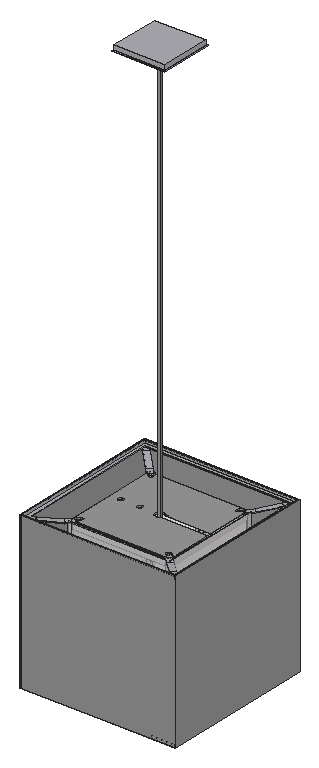
Revit family "Lighting - Lumetta - Pendant - P2094", category Lighting Fixtures, host Ceiling, Revit 2015
Parameters
  Wattage = 14.4067 W
  built-in parameter 1150110 = 1 (stored number, unit not read)
  URL = "https://lumetta.com/luminaires/shadow-cube-17-pendant/"
  built-in parameter 1114217 = 1 (stored number, unit not read)
  Top Lens-Material [instance] = Acrylic - 2447 - White
  Top Lens [instance] = yes
  built-in parameter 1150109 = 1 (stored number, unit not read)
  built-in parameter 1150134 = (empty or 0)
  Suspension [instance] = 1
  built-in parameter 1150113 = 1 (stored number, unit not read)
  P2094 URL [instance] = "https://lumetta.com/luminaires/shadow-cube-17-pendant/"
  NON Stem Canopy [instance] = not(Suspension = 3)  # yes
  Model = "P2094"  # constant formula
  Manufacturer = "Lumetta, Inc."  # constant formula
  Lumens = 2140 lm
  built-in parameter 1150115 = 1 (stored number, unit not read)
  built-in parameter 1150105 = 170.3 (stored number, unit not read)
  Light Source Symbol Size = 0' - 1"
  built-in parameter 1150137 = (empty or 0)
  built-in parameter 1150139 = (empty or 0)
  built-in parameter 1150112 = 1 (stored number, unit not read)
  built-in parameter 1150114 = 1 (stored number, unit not read)
  built-in parameter 1150132 = 2
  built-in parameter 1150102 = (empty or 0)
  built-in parameter 1150138 = (empty or 0)
  built-in parameter 1150107 = 3000 (stored number, unit not read)
  built-in parameter 1150106 = 1.703 (stored number, unit not read)
  Frame Finish [instance] = Paint - Lumetta - F02 - PC_Chrome
  Fixture Drop [instance] = 4' - 0"
  built-in parameter 1150104 = 13.8 (stored number, unit not read)
  Dimming Lamp Color Temperature Shift = (empty or 0)
  Diffuser Material-Outer [instance] = Glass, Cast, Gray
  Diffuser Material-Inner [instance] = Shade - Lumetta - D61 - MT_White
  Description = "Shadow Cube 17'' Pendant"  # constant formula
  Coupling-Stems over 60 inches [instance] = and(Stem Hung, Fixture Drop > 5' 0")  # no
  Cord Color [instance] = Cord, Black
  Cone Nut-STD-2-3Wire [instance] = Suspension = 1  # yes
  Color Filter = 16777215
  Bushing-LED-4Wire [instance] = Suspension = 2  # no
  Bottom Lens-Material [instance] = Acrylic - P95 - Etched White
  Bottom Lens [instance] = no
  built-in parameter 1114218 = 1 (stored number, unit not read)
  built-in parameter 1150133 = 10 (stored number, unit not read)
  Stem Hung [instance] = Suspension = 3  # no
  1CRD-LED-4Wire [instance] = or(Suspension = 1, Suspension = 2)  # yes
  1 CRD-STD [instance] = or(Suspension = 1, Suspension = 2)  # yes
Reference planes (in)
  plane 1 "Light Source Axis (F/B)": y = 0
  plane 2 "Ceiling": z = 98.08023
  plane 3 "Light Source Axis (L/R)": x = 0
  plane 4 "Light Source Elevation": z = 47.45523
  plane 5 "Fixture Inner Top": z = 50.08023
  plane 6 "Fixture-Height-DIFF-DIFI": z = 37.58023
  plane 7 "Lamping Start": z = 47.38052
  plane 8 "Frame Length-Left": x = -5.75
  plane 9 "Frame Length-Right": x = 5.75
  plane 10 "Frame Width-TOP": y = 5.75
  plane 11 "Frame Width-BTM": y = -5.75
  plane 12 "Outer Frame-Left": x = -8.75
  plane 13 "Outer Frame-Right": x = 8.75
  plane 14 "Outer Frame-Top": y = 8.75
  plane 15 "Outer Frame-BTM": y = -8.75
  plane 16 "Fixture-Height-DIFO": z = 33.51773
  plane 17 "Fixture Outer Top": z = 51.01773
  plane 18 "Shadow Tabs": through (-5.75, -5.75, 90) normal (-0.7071, 0.7071, 0)
Forms (in)
  Extrusion 1, solid, material "Paint - Lumetta - F02 - PC_Chrome" <- "Frame Finish", visible <- "NON Stem Canopy"
    sketch origin (0, 0, 98.08023) x (1, 0, 0) y (0, 1, 0)
      loop
        line (-2.875, -2.875) -> (2.875, -2.875) -> (2.875, 2.875) -> (-2.875, 2.875) -> (-2.875, -2.875)
    from 0 to -0.51061
  Extrusion 2, void
    sketch origin (0, 0, 50.08023) x (0, -1, 0) y (1, 0, 0)
      loop
        line (-5.6875, -5.6875) -> (5.6875, -5.6875) -> (5.6875, 5.6875) -> (-5.6875, 5.6875) -> (-5.6875, -5.6875)
    from 0 to -0.04896
  Extrusion 3, solid, material "Paint - Lumetta - F02 - PC_Chrome" <- "Frame Finish"
    sketch origin (0, 0, 37.58023) x (-1, 0, 0) y (0, -1, 0)
      loop
        line (5.75, -5.75) -> (5.75, 5.75) -> (-5.75, 5.75) -> (-5.75, -5.75) -> (5.75, -5.75)
      loop
        arc (5.14063, -5.25) -> (5.21796, -5.21796) -> (5.25, -5.14063) r 0.10938
        line (5.25, -5.14063) -> (5.25, 5.14062)
        arc (5.25, 5.14062) -> (5.21796, 5.21796) -> (5.14063, 5.25) r 0.10938
        line (5.14063, 5.25) -> (-5.14062, 5.25)
        arc (-5.14062, 5.25) -> (-5.21796, 5.21796) -> (-5.25, 5.14062) r 0.10938
        line (-5.25, 5.14062) -> (-5.25, -5.14063)
        arc (-5.25, -5.14063) -> (-5.21796, -5.21796) -> (-5.14062, -5.25) r 0.10938
        line (-5.14062, -5.25) -> (5.14063, -5.25)
    from 0 to 0.39015
  Extrusion 4, void
    sketch origin (0, 0, 37.58023) x (-1, 0, 0) y (0, -1, 0)
      loop
        line (5.6875, -5.6875) -> (5.6875, 5.6875) -> (-5.6875, 5.6875) -> (-5.6875, -5.6875) -> (5.6875, -5.6875)
    from 0.0625 to 0.64163
  Extrusion 5, solid, material "Paint - Lumetta - F02 - PC_Chrome" <- "Frame Finish"
    sketch origin (0, 0, 36.01773) x (0, -1, 0) y (1, 0, 0)
      loop
        line (-5.75, 5.75) -> (-5.75, 5.3125) -> (-5.6875, 5.3125) -> (-5.6875, 5.6875) -> (-5.3125, 5.6875) -> (-5.3125, 5.75) -> (-5.75, 5.75)
      loop
        line (-5.75, -5.75) -> (-5.3125, -5.75) -> (-5.3125, -5.6875) -> (-5.6875, -5.6875) -> (-5.6875, -5.3125) -> (-5.75, -5.3125) -> (-5.75, -5.75)
      loop
        line (5.75, -5.75) -> (5.75, -5.3125) -> (5.6875, -5.3125) -> (5.6875, -5.6875) -> (5.3125, -5.6875) -> (5.3125, -5.75) -> (5.75, -5.75)
      loop
        line (5.75, 5.75) -> (5.3125, 5.75) -> (5.3125, 5.6875) -> (5.6875, 5.6875) -> (5.6875, 5.3125) -> (5.75, 5.3125) -> (5.75, 5.75)
    from 1.5625 to 14.0625
  Extrusion 6, solid, material "Paint - Lumetta - F02 - PC_Chrome" <- "Frame Finish", visible <- "NON Stem Canopy"
    sketch origin (18, 0.5, 98.08023) x (1, 0, 0) y (0, 1, 0)
      loop
        line (-21, -3.5) -> (-15, -3.5) -> (-15, 2.5) -> (-21, 2.5) -> (-21, -3.5)
      loop
        circle (-18, -0.5) r 0.34375
    from -0.58679 to -0.51061
  Revolve 7, solid, material "Paint - Lumetta - F02 - PC_Chrome" <- "Frame Finish", visible <- "Cone Nut-STD-2-3Wire"
    sketch origin (0, 0, 0) x (1, 0, 0) y (0, 0, 1)
      loop
        line (0, 97.49343) -> (0, 96.99343) -> (0.28122, 96.99343) -> (0.37341, 97.49343) -> (0, 97.49343)
      axis (0, 96.99343) -> (0, 97.49343)
    angle from 0 to 360
  Extrusion 8, solid, material "Cord, Black" <- "Cord Color", visible <- "1 CRD-STD"
    sketch origin (0, 0, 98.08023) x (1, 0, 0) y (0, 1, 0)
      loop
        circle (0, 0) r 0.1566
    from -0.51061 to -48.09836
  Extrusion 9, solid, material "Paint - Lumetta - F02 - PC_Chrome" <- "Frame Finish", visible <- "Stem Hung"
    sketch origin (0, 0, 98.08023) x (1, 0, 0) y (0, 1, 0)
      loop
        circle (0, 0) r 0.25
    from 0 to -48.09836
  Revolve 10, solid, material "Paint - Lumetta - F02 - PC_Chrome" <- "Frame Finish", visible <- "Stem Hung"
    sketch origin (0, 0, 0) x (1, 0, 0) y (0, 0, 1)
      loop
        line (0, 95.47477) -> (0.34943, 95.47477)
        arc (0.34943, 95.47477) -> (0.55736, 95.72688) -> (0.60533, 96.05014) r 0.61
        line (0.60533, 96.05014) -> (0, 96.05014) -> (0, 95.47477)
      axis (0, 95.47477) -> (0, 96.05014)
    angle from 0 to 360
  Extrusion 11, solid, material "Paint - Lumetta - F02 - PC_Chrome" <- "Frame Finish", visible <- "Bushing-LED-4Wire"
    sketch origin (0, 0, 98.08023) x (1, 0, 0) y (0, 1, 0)
      loop
        circle (0, 0) r 0.37341
      loop
        circle (0, 0) r 0.25
    from -0.66289 to -0.58679
  Extrusion 12, solid, material "Shade - Lumetta - D61 - MT_White" <- "Diffuser Material-Inner"
    sketch origin (0, 0, 50.08023) x (0, -1, 0) y (1, 0, 0)
      loop
        line (-5.75, -5.75) -> (5.75, -5.75) -> (5.75, 5.75) -> (-5.75, 5.75) -> (-5.75, -5.75)
      loop
        line (-5.78125, 5.78125) -> (-5.78125, -5.78125) -> (5.78125, -5.78125) -> (5.78125, 5.78125) -> (-5.78125, 5.78125)
    from -12.5 to 0
  Extrusion 13, solid, material "Acrylic - P95 - Etched White" <- "Bottom Lens-Material", visible <- "Bottom Lens"
    sketch origin (0, 0, 37.58023) x (-1, 0, 0) y (0, -1, 0)
      loop
        line (5.5, -5.5) -> (5.5, 5.5) -> (-5.5, 5.5) -> (-5.5, -5.5) -> (5.5, -5.5)
    from 0.0625 to 0.1875
  Extrusion 14, solid, material "Paint - Lumetta - F02 - PC_Chrome" <- "Frame Finish", visible <- "Stem Hung"
    sketch origin (0, 0, 98.08023) x (1, 0, 0) y (0, 1, 0)
      loop
        line (-3, 3) -> (-3, -3) -> (3, -3) -> (3, 3) -> (-3, 3)
      loop
        circle (0, 0) r 0.53125
    from -2.30546 to -2.23116
  Extrusion 15, solid, material "Paint - Lumetta - F02 - PC_Chrome" <- "Frame Finish", visible <- "Stem Hung"
    sketch origin (0, 0, 98.08023) x (1, 0, 0) y (0, 1, 0)
      loop
        line (-2.875, 2.875) -> (-2.875, -2.875) -> (2.875, -2.875) -> (2.875, 2.875) -> (-2.875, 2.875)
    from -2.23116 to 0
  Extrusion 16, solid, material "Paint - Lumetta - F02 - PC_Chrome" <- "Frame Finish"
    sketch origin (0, 0, 51.01773) x (0, -1, 0) y (1, 0, 0)
      loop
        line (-8.75, -8.75) -> (8.75, -8.75) -> (8.75, 8.75) -> (-8.75, 8.75) -> (-8.75, -8.75)
      loop
        line (8.25, -8.25) -> (8.25, 8.25) -> (-8.25, 8.25) -> (-8.25, -8.25) -> (8.25, -8.25)
    from -0.38652 to 0
  Extrusion 17, void
    sketch origin (0, 0, 51.01773) x (0, -1, 0) y (1, 0, 0)
      loop
        line (-8.6875, -8.6875) -> (8.6875, -8.6875) -> (8.6875, 8.6875) -> (-8.6875, 8.6875) -> (-8.6875, -8.6875)
      loop
        circle (0, 0) r 1
    from -0.3078 to 0
  Extrusion 18, solid, material "Paint - Lumetta - F02 - PC_Chrome" <- "Frame Finish"
    sketch origin (0, 0, 33.51773) x (-1, 0, 0) y (0, -1, 0)
      loop
        line (8.75, -8.75) -> (8.75, 8.75) -> (-8.75, 8.75) -> (-8.75, -8.75) -> (8.75, -8.75)
      loop
        line (8.25, -8.25) -> (8.25, 8.25) -> (-8.25, 8.25) -> (-8.25, -8.25) -> (8.25, -8.25)
    from 0 to 0.36644
  Extrusion 19, void
    sketch origin (0, 0, 33.51773) x (-1, 0, 0) y (0, -1, 0)
      loop
        line (8.6875, -8.6875) -> (8.6875, 8.6875) -> (-8.6875, 8.6875) -> (-8.6875, -8.6875) -> (8.6875, -8.6875)
    from 0.06841 to 0.36644
  Extrusion 20, solid, material "Glass, Cast, Gray" <- "Diffuser Material-Outer"
    sketch origin (0, 0, 51.01773) x (0, -1, 0) y (1, 0, 0)
      loop
        line (-8.75, -8.75) -> (8.75, -8.75) -> (8.75, 8.75) -> (-8.75, 8.75) -> (-8.75, -8.75)
      loop
        line (8.78125, -8.78125) -> (8.78125, 8.78125) -> (-8.78125, 8.78125) -> (-8.78125, -8.78125) -> (8.78125, -8.78125)
    from -17.5 to 0
  Extrusion 21, solid, material "Paint - Lumetta - F11 - PC_White"
    sketch origin (0, 0, 50.08023) x (0, -1, 0) y (1, 0, 0)
      loop
        circle (0, 4.4375) r 0.09399
      loop
        circle (0, -4.4375) r 0.09391
      loop
        line (-1.25, -4.8125) -> (1.25, -4.8125) -> (1.25, 4.8125) -> (-1.25, 4.8125) -> (-1.25, -4.8125)
    from -0.09836 to -0.04896
  Extrusion 22, solid, material "Paint - Lumetta - F02 - PC_Chrome" <- "Frame Finish"
    sketch origin (0, 0, 0) x (-0.707107, -0.707107, 0) y (0, 0, 1)
      loop
        line (-10.9608, 50.58023) -> (-12.03437, 50.58023) -> (-12.03437, 50.51773) -> (-10.96797, 50.51773) -> (-8.48678, 50.08023) -> (-6.69437, 50.08023) -> (-6.69437, 50.14273) -> (-8.47961, 50.14273) -> (-10.9608, 50.58023)
    from -0.30669 to 0.31131
  Extrusion 23, solid, material "Paint - Lumetta - F02 - PC_Chrome" <- "Frame Finish"
    sketch origin (0, 0, 50.08023) x (0, -1, 0) y (1, 0, 0)
      loop
        line (-5.75, -5.75) -> (5.75, -5.75) -> (5.75, 5.75) -> (-5.75, 5.75) -> (-5.75, -5.75)
      loop
        line (-0.48919, -4.0625) -> (0.5, -4.0625) -> (0.94857, -5.02446)
        arc (0.94857, -5.02446) -> (1.09271, -5.18882) -> (1.3026, -5.25) r 0.39063
        line (1.3026, -5.25) -> (4.05695, -5.25)
        arc (4.05695, -5.25) -> (4.20643, -5.22027) -> (4.33316, -5.13559) r 0.39063
        line (4.33316, -5.13559) -> (5.13559, -4.33316)
        arc (5.13559, -4.33316) -> (5.22027, -4.20643) -> (5.25, -4.05695) r 0.39063
        line (5.25, -4.05695) -> (5.25, 4.05695)
        arc (5.25, 4.05695) -> (5.22027, 4.20643) -> (5.13559, 4.33316) r 0.39063
        line (5.13559, 4.33316) -> (4.33316, 5.13559)
        arc (4.33316, 5.13559) -> (4.20643, 5.22027) -> (4.05695, 5.25) r 0.39063
        line (4.05695, 5.25) -> (1.3026, 5.25)
        arc (1.3026, 5.25) -> (1.09271, 5.18882) -> (0.94857, 5.02446) r 0.39063
        line (0.94857, 5.02446) -> (0.5, 4.0625) -> (-0.48919, 4.0625) -> (-0.93776, 5.02446)
        arc (-0.93776, 5.02446) -> (-1.0819, 5.18882) -> (-1.29178, 5.25) r 0.39063
        line (-1.29178, 5.25) -> (-4.05695, 5.25)
        arc (-4.05695, 5.25) -> (-4.20643, 5.22027) -> (-4.33316, 5.13559) r 0.39063
        line (-4.33316, 5.13559) -> (-5.13559, 4.33316)
        arc (-5.13559, 4.33316) -> (-5.22027, 4.20643) -> (-5.25, 4.05695) r 0.39063
        line (-5.25, 4.05695) -> (-5.25, -4.05695)
        arc (-5.25, -4.05695) -> (-5.22027, -4.20643) -> (-5.13559, -4.33316) r 0.39063
        line (-5.13559, -4.33316) -> (-4.33316, -5.13559)
        arc (-4.33316, -5.13559) -> (-4.20643, -5.22027) -> (-4.05695, -5.25) r 0.39063
        line (-4.05695, -5.25) -> (-1.29178, -5.25)
        arc (-1.29178, -5.25) -> (-1.0819, -5.18882) -> (-0.93776, -5.02446) r 0.39063
        line (-0.93776, -5.02446) -> (-0.48919, -4.0625)
      loop
        circle (0, -4.4375) r 0.09489
      loop
        circle (0, 4.4375) r 0.09546
      loop
        circle (-5.375, -5.375) r 0.09445
      loop
        circle (-5.375, 5.375) r 0.09445
      loop
        circle (5.375, 5.375) r 0.09445
      loop
        circle (5.375, -5.375) r 0.09445
    from -0.66832 to 0.00794
  Extrusion 24, solid, material "Acrylic - 2447 - White" <- "Top Lens-Material", visible <- "Top Lens"
    sketch origin (0, 0, 50.08023) x (0, -1, 0) y (1, 0, 0)
      loop
        arc (-5.59375, -5.04511) -> (-5.55517, -5.10286) -> (-5.48706, -5.08931) r 0.0625
        line (-5.48706, -5.08931) -> (-5.19887, -4.80113)
        arc (-5.19887, -4.80113) -> (-4.80113, -4.80113) -> (-4.80113, -5.19887) r 0.28125
        line (-4.80113, -5.19887) -> (-5.08931, -5.48706)
        arc (-5.08931, -5.48706) -> (-5.10286, -5.55517) -> (-5.04511, -5.59375) r 0.0625
        line (-5.04511, -5.59375) -> (5.04511, -5.59375)
        arc (5.04511, -5.59375) -> (5.10286, -5.55517) -> (5.08931, -5.48706) r 0.0625
        line (5.08931, -5.48706) -> (4.80113, -5.19887)
        arc (4.80113, -5.19887) -> (4.80113, -4.80113) -> (5.19887, -4.80113) r 0.28125
        line (5.19887, -4.80113) -> (5.48706, -5.08931)
        arc (5.48706, -5.08931) -> (5.55517, -5.10286) -> (5.59375, -5.04511) r 0.0625
        line (5.59375, -5.04511) -> (5.59375, 5.04511)
        arc (5.59375, 5.04511) -> (5.55517, 5.10286) -> (5.48706, 5.08931) r 0.0625
        line (5.48706, 5.08931) -> (5.19887, 4.80113)
        arc (5.19887, 4.80113) -> (4.80113, 4.80113) -> (4.80113, 5.19887) r 0.28125
        line (4.80113, 5.19887) -> (5.08931, 5.48706)
        arc (5.08931, 5.48706) -> (5.10286, 5.55517) -> (5.04511, 5.59375) r 0.0625
        line (5.04511, 5.59375) -> (0.26562, 5.59375) -> (0.26562, 0.42361)
        arc (0.26562, 0.42361) -> (0, -0.5) -> (-0.26562, 0.42361) r 0.5
        line (-0.26562, 0.42361) -> (-0.26563, 5.59375) -> (-5.04511, 5.59375)
        arc (-5.04511, 5.59375) -> (-5.10286, 5.55517) -> (-5.08931, 5.48706) r 0.0625
        line (-5.08931, 5.48706) -> (-4.80113, 5.19887)
        arc (-4.80113, 5.19887) -> (-4.80113, 4.80113) -> (-5.19887, 4.80113) r 0.28125
        line (-5.19887, 4.80113) -> (-5.48706, 5.08931)
        arc (-5.48706, 5.08931) -> (-5.55517, 5.10286) -> (-5.59375, 5.04511) r 0.0625
        line (-5.59375, 5.04511) -> (-5.59375, -5.04511)
      loop
        circle (0, -2.25) r 0.28125
      loop
        circle (0, -4.4375) r 0.28125
    from 0.13199 to 0.0625
  Revolve 25, solid, material "Paint - Lumetta - F02 - PC_Chrome" <- "Frame Finish", visible <- "Coupling-Stems over 60 inches"
    sketch origin (0, 0, 0) x (1, 0, 0) y (0, 0, 1)
      loop
        line (0, 111.28089) -> (0, 110.76527) -> (0.2625, 110.76527)
        arc (0.2625, 110.76527) -> (0.31245, 110.81299) -> (0.26706, 110.86506) r 0.05
        arc (0.26706, 110.86506) -> (0.29372, 111.02334) -> (0.26313, 111.1809) r 0.45
        arc (0.26313, 111.1809) -> (0.3125, 111.23121) -> (0.2625, 111.28089) r 0.05
        line (0.2625, 111.28089) -> (0, 111.28089)
      axis (0, 110.76527) -> (0, 111.28089)
    angle from 0 to 360
  Extrusion 26, solid, material "Paint - Lumetta - F02 - PC_Chrome" <- "Frame Finish"
    sketch origin (0, 0, 0) x (0.707107, -0.707107, 0) y (0, 0, 1)
      loop
        line (-10.9608, 50.58023) -> (-12.03437, 50.58023) -> (-12.03437, 50.51773) -> (-10.96797, 50.51773) -> (-8.48678, 50.08023) -> (-6.69437, 50.08023) -> (-6.69437, 50.14273) -> (-8.47961, 50.14273) -> (-10.9608, 50.58023)
    from -0.30669 to 0.31131
  Extrusion 27, solid, material "Paint - Lumetta - F02 - PC_Chrome" <- "Frame Finish"
    sketch origin (0, 0, 0) x (0.707107, 0.707107, 0) y (0, 0, 1)
      loop
        line (-10.9608, 50.58023) -> (-12.03437, 50.58023) -> (-12.03437, 50.51773) -> (-10.96797, 50.51773) -> (-8.48678, 50.08023) -> (-6.69437, 50.08023) -> (-6.69437, 50.14273) -> (-8.47961, 50.14273) -> (-10.9608, 50.58023)
    from -0.30669 to 0.31131
  Extrusion 28, solid, material "Paint - Lumetta - F02 - PC_Chrome" <- "Frame Finish"
    sketch origin (0, 0, 0) x (-0.707107, 0.707107, 0) y (0, 0, 1)
      loop
        line (-10.9608, 50.58023) -> (-12.03437, 50.58023) -> (-12.03437, 50.51773) -> (-10.96797, 50.51773) -> (-8.48678, 50.08023) -> (-6.69437, 50.08023) -> (-6.69437, 50.14273) -> (-8.47961, 50.14273) -> (-10.9608, 50.58023)
    from -0.30669 to 0.31131
  Extrusion 29, void
    sketch origin (0, 0, 50.08023) x (0, -1, 0) y (1, 0, 0)
      loop
        circle (-5, -5) r 0.10937
      loop
        circle (-5, 5) r 0.10937
      loop
        circle (5, -5) r 0.10937
      loop
        circle (5, 5) r 0.10937
    from -0.04896 to 0.0625
  Revolve 30, solid, material "Paint - Lumetta - F02 - PC_Chrome" <- "Frame Finish", visible <- "Bushing-LED-4Wire"
    sketch origin (0, 0, 0) x (1, 0, 0) y (0, 0, 1)
      loop
        arc (-1.9375, 97.14968) -> (-1.75, 97.33718) -> (-1.9375, 97.52468) r 0.1875
        line (-1.9375, 97.52468) -> (-1.9375, 97.14968)
      axis (-1.9375, 97.52468) -> (-1.9375, 97.14968)
    angle from 0 to 360
  Revolve 31, solid, material "Paint - Lumetta - F02 - PC_Chrome" <- "Frame Finish", visible <- "Bushing-LED-4Wire"
    sketch origin (0, 0, 0) x (-1, 0, 0) y (0, 0, 1)
      loop
        arc (-1.9375, 97.14968) -> (-1.75, 97.33718) -> (-1.9375, 97.52468) r 0.1875
        line (-1.9375, 97.52468) -> (-1.9375, 97.14968)
      axis (-1.9375, 97.52468) -> (-1.9375, 97.14968)
    angle from 0 to 360
  Revolve 32, solid, material "Paint - Lumetta - F02 - PC_Chrome" <- "Frame Finish", visible <- "Stem Hung"
    sketch origin (0, 0, -1.71866) x (1, 0, 0) y (0, 0, 1)
      loop
        arc (-1.9375, 97.14968) -> (-1.75, 97.33718) -> (-1.9375, 97.52468) r 0.1875
        line (-1.9375, 97.52468) -> (-1.9375, 97.14968)
      axis (-1.9375, 97.52468) -> (-1.9375, 97.14968)
    angle from 0 to 360
  Revolve 33, solid, material "Paint - Lumetta - F02 - PC_Chrome" <- "Frame Finish", visible <- "Stem Hung"
    sketch origin (0, 0, -1.71866) x (-1, 0, 0) y (0, 0, 1)
      loop
        arc (-1.9375, 97.14968) -> (-1.75, 97.33718) -> (-1.9375, 97.52468) r 0.1875
        line (-1.9375, 97.52468) -> (-1.9375, 97.14968)
      axis (-1.9375, 97.52468) -> (-1.9375, 97.14968)
    angle from 0 to 360
Cuts and joins
  Extrusion 4 cuts Extrusion 3
  Extrusion 17 cuts Extrusion 8
  Extrusion 17 cuts Extrusion 9
  Extrusion 17 cuts Extrusion 16
  Extrusion 19 cuts Extrusion 18
  Extrusion 29 cuts Extrusion 28
  Extrusion 29 cuts Extrusion 27
  Extrusion 29 cuts Extrusion 22
  Extrusion 29 cuts Extrusion 26
Dimensions and locks (in)
  equal spacing: host sketch curve, plane 3 "Light Source Axis (L/R)", host sketch curve
  equal spacing: host sketch curve, plane 1 "Light Source Axis (F/B)", host sketch curve
  host sketch curve to host sketch curve = 10' - 0"  (x2)
  locked: plane 5 "Fixture Inner Top" to plane 4 "Light Source Elevation" at 2.625
  "Fixture Drop": plane 2 "Ceiling" to plane 5 "Fixture Inner Top"
  plane 5 "Fixture Inner Top" to plane 6 "Fixture-Height-DIFF-DIFI" = 1' - 0 1/2"
  locked: Extrusion 6 to Revolve 7 sketch curve at 0.5
  locked: Extrusion 11 sketch curve to plane 3 "Light Source Axis (L/R)" at 0
  plane 5 "Fixture Inner Top" to plane 7 "Lamping Start" = 0' - 2.69971"
  locked: cut or joined group of Extrusion 3, Extrusion 4 to plane 6 "Fixture-Height-DIFF-DIFI" at 0.0625
  plane 3 "Light Source Axis (L/R)" to Revolve 7 sketch curve = 0' - 0"
  Extrusion 8 sketch curve to plane 3 "Light Source Axis (L/R)" = 0' - 0"
  equal spacing: plane 8 "Frame Length-Left", plane 3 "Light Source Axis (L/R)", plane 9 "Frame Length-Right"
  locked: plane 8 "Frame Length-Left" to plane 9 "Frame Length-Right" at 11.5
  equal spacing: plane 10 "Frame Width-TOP", plane 1 "Light Source Axis (F/B)", plane 11 "Frame Width-BTM"
  locked: plane 10 "Frame Width-TOP" to plane 11 "Frame Width-BTM" at 11.5
  equal spacing: plane 12 "Outer Frame-Left", plane 3 "Light Source Axis (L/R)", plane 13 "Outer Frame-Right"
  equal spacing: plane 15 "Outer Frame-BTM", plane 1 "Light Source Axis (F/B)", plane 14 "Outer Frame-Top"
  locked: plane 12 "Outer Frame-Left" to plane 13 "Outer Frame-Right" at 17.5
  locked: plane 14 "Outer Frame-Top" to plane 15 "Outer Frame-BTM" at 17.5
  locked: Extrusion 5 sketch curve to plane 8 "Frame Length-Left" at 0  (x2)
  locked: Extrusion 5 sketch curve to plane 10 "Frame Width-TOP" at 0  (x2)
  Extrusion 5 sketch curve to plane 11 "Frame Width-BTM" = 0' - 0"
  locked: Extrusion 5 sketch curve to plane 9 "Frame Length-Right" at 0  (x2)
  locked: Extrusion 5 sketch curve to plane 11 "Frame Width-BTM" at 0
  locked: Extrusion 5 sketch curve to plane 10 "Frame Width-TOP" at 0.4375
  locked: Extrusion 5 sketch curve to plane 11 "Frame Width-BTM" at 0.4375
  locked: plane 10 "Frame Width-TOP" to Extrusion 5 sketch curve at 0.4375
  locked: plane 11 "Frame Width-BTM" to Extrusion 5 sketch curve at 0.4375
  Extrusion 12 to plane 9 "Frame Length-Right" = 0' - 0"
  locked: plane 8 "Frame Length-Left" to Extrusion 4 sketch curve at 0.0625
  locked: Extrusion 4 sketch curve to plane 9 "Frame Length-Right" at 0.0625
  locked: plane 8 "Frame Length-Left" to Extrusion 2 sketch curve at 0.0625
  locked: Extrusion 2 sketch curve to plane 9 "Frame Length-Right" at 0.0625
  locked: plane 8 "Frame Length-Left" to Extrusion 3 sketch curve
  locked: Extrusion 3 sketch curve to Extrusion 3 sketch curve at 0.5  (x2)
  locked: Extrusion 3 sketch curve to plane 9 "Frame Length-Right"
  locked: Extrusion 13 sketch curve to plane 9 "Frame Length-Right" at 0.25
  locked: Extrusion 13 sketch curve to plane 10 "Frame Width-TOP" at 0.25
  locked: Extrusion 13 sketch curve to plane 11 "Frame Width-BTM" at 0.25
  locked: plane 8 "Frame Length-Left" to Extrusion 13 sketch curve at 0.25
  equal spacing: Extrusion 6 sketch curve, plane 1 "Light Source Axis (F/B)", Extrusion 6 sketch curve
  equal spacing: Extrusion 6 sketch curve, plane 3 "Light Source Axis (L/R)", Extrusion 6 sketch curve
  locked: Extrusion 6 sketch curve to Extrusion 6 sketch curve at 6  (x2)
  locked: Extrusion 6 to Extrusion 1 sketch curve at 0.125  (x3)
  locked: Extrusion 1 sketch curve to Extrusion 6 at 0.125
  locked: Extrusion 12 to plane 6 "Fixture-Height-DIFF-DIFI" at 0
  locked: Extrusion 5 to plane 6 "Fixture-Height-DIFF-DIFI" at 0
  plane 17 "Fixture Outer Top" to plane 5 "Fixture Inner Top" = 0' - 0 15/16"
  plane 17 "Fixture Outer Top" to plane 16 "Fixture-Height-DIFO" = 1' - 5 1/2"
  Extrusion 11 sketch curve to Extrusion 11 sketch curve = 0' - 0"
  locked: Revolve 7 sketch curve to Revolve 7 sketch curve at 0
  locked: Revolve 7 sketch curve to Revolve 7 sketch curve at 0.28122
  locked: Revolve 7 sketch curve to Revolve 7 sketch curve at 0.37341
  Extrusion 6 to Revolve 10 sketch curve = 0' - 2.01866"
  locked: plane 3 "Light Source Axis (L/R)" to Revolve 10 sketch curve at 0
  locked: plane 2 "Ceiling" to Extrusion 1 at 0.51061
  locked: Extrusion 1 to Extrusion 6 at 0.07619
  locked: Extrusion 6 to Extrusion 11 at 0.07609
  locked: Extrusion 14 sketch curve to Extrusion 6  (x4)
  locked: Extrusion 14 to Extrusion 14 at 0.07429
  locked: plane 2 "Ceiling" to Extrusion 14 at 2.23116
  locked: Extrusion 14 to Extrusion 15 sketch curve at 0.125  (x3)
  locked: Extrusion 15 sketch curve to Extrusion 14 at 0.125
  locked: Extrusion 5 sketch curve to Extrusion 5 sketch curve at 0.4375  (x4)
  locked: Extrusion 5 sketch curve to Extrusion 5 sketch curve at 0.0625  (x8)
  locked: cut or joined group of Extrusion 3, Extrusion 4 to plane 6 "Fixture-Height-DIFF-DIFI" at 0.39015
  locked: plane 10 "Frame Width-TOP" to Extrusion 2 sketch curve at 0.0625
  locked: Extrusion 2 sketch curve to plane 11 "Frame Width-BTM" at 0.0625
  locked: Extrusion 3 sketch curve to plane 10 "Frame Width-TOP" at 0.5
  locked: Extrusion 3 sketch curve to plane 11 "Frame Width-BTM" at 0.5
  locked: Extrusion 4 sketch curve to plane 10 "Frame Width-TOP" at 0.0625
  locked: Extrusion 4 sketch curve to plane 11 "Frame Width-BTM" at 0.0625
  locked: Extrusion 16 sketch curve to plane 14 "Outer Frame-Top" at 0
  locked: Extrusion 16 sketch curve to plane 15 "Outer Frame-BTM" at 0
  locked: Extrusion 16 sketch curve to plane 13 "Outer Frame-Right" at 0
  locked: Extrusion 16 sketch curve to plane 12 "Outer Frame-Left" at 0
  locked: Extrusion 16 sketch curve to Extrusion 16 sketch curve at 0.5  (x4)
  locked: plane 17 "Fixture Outer Top" to Extrusion 16 at 0.38652
  locked: Extrusion 17 sketch curve to plane 14 "Outer Frame-Top" at 0.0625
  locked: Extrusion 17 sketch curve to plane 15 "Outer Frame-BTM" at 0.0625
  locked: plane 12 "Outer Frame-Left" to Extrusion 17 sketch curve at 0.0625
  locked: Extrusion 17 sketch curve to plane 13 "Outer Frame-Right" at 0.0625
  locked: plane 17 "Fixture Outer Top" to cut or joined group of Extrusion 9, Extrusion 17 at 0.3078
  locked: Extrusion 18 sketch curve to plane 12 "Outer Frame-Left" at 0
  locked: Extrusion 18 sketch curve to plane 14 "Outer Frame-Top" at 0
  locked: Extrusion 18 sketch curve to plane 13 "Outer Frame-Right" at 0
  locked: Extrusion 18 sketch curve to plane 15 "Outer Frame-BTM" at 0
  locked: Extrusion 18 sketch curve to Extrusion 18 sketch curve at 0.5  (x4)
  plane 3 "Light Source Axis (L/R)" to Extrusion 18 = 0' - 8 3/4"
  locked: Extrusion 18 to plane 16 "Fixture-Height-DIFO" at 0.36644
  locked: Extrusion 19 sketch curve to plane 14 "Outer Frame-Top" at 0.0625
  locked: plane 12 "Outer Frame-Left" to Extrusion 19 sketch curve at 0.0625
  locked: Extrusion 19 sketch curve to plane 13 "Outer Frame-Right" at 0.0625
  locked: Extrusion 19 sketch curve to plane 15 "Outer Frame-BTM" at 0.0625
  locked: Extrusion 19 to plane 16 "Fixture-Height-DIFO" at 0.06841
  locked: Extrusion 20 sketch curve to plane 12 "Outer Frame-Left" at 0
  locked: Extrusion 20 sketch curve to plane 14 "Outer Frame-Top" at 0
  locked: Extrusion 20 sketch curve to plane 13 "Outer Frame-Right" at 0
  locked: Extrusion 20 sketch curve to plane 15 "Outer Frame-BTM" at 0
  locked: Extrusion 20 sketch curve to Extrusion 20 sketch curve at 0.03125  (x4)
  locked: Extrusion 21 sketch curve to plane 3 "Light Source Axis (L/R)" at 4.4375
  locked: plane 3 "Light Source Axis (L/R)" to Extrusion 21 sketch curve at 4.4375
  locked: plane 1 "Light Source Axis (F/B)" to Extrusion 21 sketch curve at 1.25  (x2)
  locked: plane 3 "Light Source Axis (L/R)" to Extrusion 21 sketch curve at 4.8125
  locked: Extrusion 21 sketch curve to plane 3 "Light Source Axis (L/R)" at 4.8125
  locked: Extrusion 20 to Extrusion 22 sketch curve at 0.4375
  Extrusion 22 sketch curve to Extrusion 20 = 0' - 0.34"
  locked: Extrusion 22 sketch curve to Extrusion 22 sketch curve at 5.34
  locked: Extrusion 22 to plane 18 "Shadow Tabs" at 0.31131
  locked: Extrusion 22 to plane 18 "Shadow Tabs" at 0.30669
  locked: Extrusion 23 sketch curve to plane 8 "Frame Length-Left" at 0
  locked: Extrusion 23 sketch curve to plane 10 "Frame Width-TOP" at 0
  locked: Extrusion 23 sketch curve to plane 9 "Frame Length-Right" at 0
  locked: Extrusion 23 sketch curve to plane 11 "Frame Width-BTM" at 0
  plane 1 "Light Source Axis (F/B)" to Extrusion 23 sketch curve = 0' - 0.48919"
  locked: Extrusion 23 sketch curve to plane 3 "Light Source Axis (L/R)" at 4.0625
  locked: plane 3 "Light Source Axis (L/R)" to Extrusion 23 sketch curve at 4.0625
  locked: Extrusion 23 sketch curve to plane 3 "Light Source Axis (L/R)" at 4.4375
  locked: plane 3 "Light Source Axis (L/R)" to Extrusion 23 sketch curve at 4.4375
  locked: plane 10 "Frame Width-TOP" to Extrusion 23 sketch curve at 0.375  (x2)
  locked: plane 8 "Frame Length-Left" to Extrusion 23 sketch curve at 0.375  (x2)
  locked: Extrusion 23 sketch curve to plane 9 "Frame Length-Right" at 0.375  (x2)
  locked: Extrusion 23 sketch curve to plane 11 "Frame Width-BTM" at 0.375  (x2)
  locked: Extrusion 24 to Extrusion 23 at 0.05456
  locked: Revolve 10 sketch curve to Extrusion 14 at 0.2
  locked: Extrusion 14 to Revolve 10 sketch curve at 0.3
  plane 17 "Fixture Outer Top" to cut or joined group of Extrusion 9, Extrusion 17 = 0' - 1.03586"
  plane 17 "Fixture Outer Top" to cut or joined group of Extrusion 8, Extrusion 17 = 0' - 1.03586"
  locked: Revolve 25 sketch curve to Revolve 25 sketch curve at 0.05  (x2)
  locked: plane 3 "Light Source Axis (L/R)" to Revolve 25 sketch curve at 0.15625
  locked: Revolve 25 sketch curve to plane 3 "Light Source Axis (L/R)" at 0.2625  (x2)
  locked: Revolve 25 sketch curve to Revolve 25 sketch curve at 0.51563
  Revolve 25 sketch curve to plane 17 "Fixture Outer Top" = 5' - 0"
  locked: host ceiling to plane 2 "Ceiling"
  locked: Extrusion 12 sketch curve to plane 9 "Frame Length-Right" at 0
  locked: Extrusion 12 sketch curve to plane 11 "Frame Width-BTM" at 0
  locked: Extrusion 12 sketch curve to plane 8 "Frame Length-Left" at 0
  locked: Extrusion 12 sketch curve to plane 10 "Frame Width-TOP" at 0
  locked: Extrusion 12 sketch curve to Extrusion 12 sketch curve at 0.03125  (x4)
  locked: plane 1 "Light Source Axis (F/B)" to Extrusion 23 sketch curve at 0.48919  (x2)
  locked: Extrusion 23 sketch curve to plane 1 "Light Source Axis (F/B)" at 0.5  (x2)
  locked: Extrusion 23 sketch curve to plane 1 "Light Source Axis (F/B)"  (x2)
  locked: plane 5 "Fixture Inner Top" to Extrusion 21 at 0.04896
  locked: Extrusion 21 to Extrusion 21 at 0.04941
  locked: Extrusion 26 sketch curve to Extrusion 26 sketch curve at 5.34
  locked: Extrusion 27 sketch curve to Extrusion 27 sketch curve at 5.34
  locked: Extrusion 28 sketch curve to Extrusion 28 sketch curve at 5.34
  locked: Extrusion 24 sketch curve to plane 3 "Light Source Axis (L/R)" at 5.59375
  locked: plane 3 "Light Source Axis (L/R)" to Extrusion 24 sketch curve at 5.59375  (x2)
  locked: plane 1 "Light Source Axis (F/B)" to Extrusion 24 sketch curve at 5.59375
  locked: Extrusion 24 sketch curve to plane 1 "Light Source Axis (F/B)" at 0.26562
  locked: Extrusion 24 sketch curve to plane 3 "Light Source Axis (L/R)" at 5
  locked: plane 1 "Light Source Axis (F/B)" to Extrusion 24 sketch curve at 5
  locked: Extrusion 24 sketch curve to plane 1 "Light Source Axis (F/B)"  (x2)
  locked: Extrusion 24 sketch curve to plane 3 "Light Source Axis (L/R)" at 4.4375
  locked: Extrusion 24 sketch curve to plane 3 "Light Source Axis (L/R)" at 2.25
  locked: Extrusion 24 sketch curve to plane 1 "Light Source Axis (F/B)" at 5.59375
  locked: Extrusion 29 sketch curve to plane 3 "Light Source Axis (L/R)" at 5
  locked: plane 1 "Light Source Axis (F/B)" to Extrusion 29 sketch curve at 5
  locked: Extrusion 6 to Revolve 30 sketch curve at 0.15625
  plane 3 "Light Source Axis (L/R)" to Revolve 30 sketch curve = 0' - 1 15/16"
  locked: Extrusion 23 sketch curve to plane 1 "Light Source Axis (F/B)" (angle 25.00°)  (x2)
  locked: plane 1 "Light Source Axis (F/B)" to Extrusion 23 sketch curve (angle 25.00°)  (x2)
  locked: Extrusion 22 sketch curve to Extrusion 22 sketch curve (angle 10.00°)
  locked: Extrusion 26 sketch curve to Extrusion 26 sketch curve (angle 10.00°)
  locked: Extrusion 27 sketch curve to Extrusion 27 sketch curve (angle 10.00°)
  locked: Extrusion 28 sketch curve to Extrusion 28 sketch curve (angle 10.00°)
  aligned and locked: plane 3 "Light Source Axis (L/R)" to imposter light
  aligned and locked: plane 1 "Light Source Axis (F/B)" to imposter light
  aligned and locked: plane 4 "Light Source Elevation" to imposter light
  aligned and locked: Extrusion 8 to Extrusion 1
  aligned and locked: plane 2 "Ceiling" to Extrusion 9
  aligned and locked: Extrusion 3 to plane 6 "Fixture-Height-DIFF-DIFI"
  aligned and locked: Extrusion 5 to plane 5 "Fixture Inner Top"
  aligned and locked: Extrusion 6 to Extrusion 1
  aligned and locked: Extrusion 11 to Extrusion 6
  aligned and locked: Extrusion 15 to Extrusion 14
  aligned and locked: plane 2 "Ceiling" to Extrusion 15
  aligned and locked: Extrusion 16 to plane 17 "Fixture Outer Top"
  aligned and locked: Extrusion 17 to plane 17 "Fixture Outer Top"
  aligned and locked: Extrusion 18 to Extrusion 19
  aligned and locked: Extrusion 20 to plane 16 "Fixture-Height-DIFO"
  aligned and locked: Extrusion 20 to plane 17 "Fixture Outer Top"
  aligned and locked: Extrusion 24 to Extrusion 22
  aligned and locked: Extrusion 22 to Extrusion 29
  aligned and locked: Extrusion 2 to Extrusion 29
  aligned and locked: Extrusion 21 to Extrusion 9
  aligned and locked: cut or joined group of Extrusion 9, Extrusion 17 to Extrusion 8
  aligned and locked: Revolve 30 sketch curve to Revolve 30 sketch curve
  aligned and locked: Revolve 31 sketch curve to Revolve 31 sketch curve
  aligned and locked: Revolve 32 sketch curve to Revolve 32 sketch curve
  aligned and locked: Revolve 33 sketch curve to Revolve 33 sketch curve
Automatic sketch dimensions
  Extrusion 3 sketch curve to plane 10 "Frame Width-TOP" = 0' - 0"
  Extrusion 3 sketch curve to plane 11 "Frame Width-BTM" = 0' - 0"
  Extrusion 3 sketch curve to Extrusion 3 sketch curve = 0' - 0 7/64"  (x4)
  plane 1 "Light Source Axis (F/B)" to Extrusion 6 sketch curve = 0' - 0"
  Extrusion 6 sketch curve to plane 3 "Light Source Axis (L/R)" = 0' - 0"
  Revolve 7 sketch curve to plane 3 "Light Source Axis (L/R)" = 0' - 0"
  Revolve 7 sketch curve to Revolve 7 sketch curve = 0' - 0 1/2"
  Revolve 7 sketch curve to Revolve 7 sketch curve = 0' - 0"
  plane 2 "Ceiling" to Revolve 7 sketch curve = 0' - 2 11/16"
  plane 1 "Light Source Axis (F/B)" to Extrusion 8 sketch curve = 0' - 0"
  plane 1 "Light Source Axis (F/B)" to Extrusion 9 sketch curve = 0' - 0"
  Extrusion 9 sketch curve to plane 3 "Light Source Axis (L/R)" = 0' - 0"
  Revolve 10 sketch curve to plane 3 "Light Source Axis (L/R)" = 0' - 0"  (x2)
  Revolve 10 sketch curve to Revolve 10 sketch curve = 0' - 0.34943"
  Revolve 10 sketch curve to Revolve 10 sketch curve = 0' - 0.60533"
  Revolve 10 sketch curve to Revolve 10 sketch curve = 0' - 11.73134"
  plane 2 "Ceiling" to Revolve 10 sketch curve = 0' - 2 15/16"
  Extrusion 11 sketch curve to Extrusion 11 sketch curve = 0' - 0"
  plane 1 "Light Source Axis (F/B)" to Extrusion 11 sketch curve = 0' - 0"
  plane 1 "Light Source Axis (F/B)" to Extrusion 14 sketch curve = 0' - 0"
  Extrusion 14 sketch curve to plane 3 "Light Source Axis (L/R)" = 0' - 0"
  plane 1 "Light Source Axis (F/B)" to Extrusion 17 sketch curve = 0' - 0"
  Extrusion 17 sketch curve to plane 3 "Light Source Axis (L/R)" = 0' - 0"
  plane 1 "Light Source Axis (F/B)" to Extrusion 21 sketch curve = 0' - 0"  (x2)
  Extrusion 22 sketch curve to plane 5 "Fixture Inner Top" = 0' - 0"
  Extrusion 22 sketch curve to plane 5 "Fixture Inner Top" = 0' - 0 7/16"
  Extrusion 22 sketch curve to Extrusion 22 sketch curve = 0' - 1 17/256"
  Extrusion 22 sketch curve to Extrusion 22 sketch curve = 0' - 0.00717"
  Extrusion 22 sketch curve to Extrusion 22 sketch curve = 0' - 1.79241"
  Extrusion 22 sketch curve to plane 5 "Fixture Inner Top" = 0' - 0 1/16"
  Extrusion 23 sketch curve to plane 10 "Frame Width-TOP" = 0' - 0 1/2"
  Extrusion 23 sketch curve to Extrusion 23 sketch curve = 0' - 0.11441"  (x3)
  Extrusion 23 sketch curve to Extrusion 23 sketch curve = 0' - 0 25/64"  (x2)
  plane 8 "Frame Length-Left" to Extrusion 23 sketch curve = 0' - 0.61441"  (x2)
  Extrusion 23 sketch curve to Extrusion 23 sketch curve = 0' - 1.04184"  (x4)
  Extrusion 23 sketch curve to plane 9 "Frame Length-Right" = 0' - 0.61441"  (x2)
  Extrusion 23 sketch curve to Extrusion 23 sketch curve = 0' - 0.27621"  (x6)
  Extrusion 23 sketch curve to plane 9 "Frame Length-Right" = 0' - 0 57/64"
  Extrusion 23 sketch curve to Extrusion 23 sketch curve = 0' - 0.8026"  (x2)
  plane 8 "Frame Length-Left" to Extrusion 23 sketch curve = 0' - 0 57/64"
  plane 8 "Frame Length-Left" to Extrusion 23 sketch curve = 0' - 0.72554"  (x2)
  Extrusion 23 sketch curve to plane 9 "Frame Length-Right" = 0' - 0.72554"  (x2)
  Extrusion 23 sketch curve to Extrusion 23 sketch curve = 0' - 0.35403"  (x2)
  Extrusion 23 sketch curve to Extrusion 23 sketch curve = 0' - 1.31805"  (x3)
  plane 11 "Frame Width-BTM" to Extrusion 23 sketch curve = 0' - 0 57/64"  (x2)
  Extrusion 23 sketch curve to Extrusion 23 sketch curve = 0' - 0.22554"
  Extrusion 23 sketch curve to Extrusion 23 sketch curve = 0' - 0.80243"
  Extrusion 23 sketch curve to Extrusion 23 sketch curve = 0' - 0.16509"
  Extrusion 24 sketch curve to plane 18 "Shadow Tabs" = 0' - 0"  (x2)
  plane 1 "Light Source Axis (F/B)" to Extrusion 24 sketch curve = 0' - 0"
  Extrusion 24 sketch curve to plane 3 "Light Source Axis (L/R)" = 0' - 0"
  Extrusion 24 sketch curve to Extrusion 24 sketch curve = 0' - 0 1/16"  (x3)
  Extrusion 24 sketch curve to Extrusion 24 sketch curve = 0' - 0.04419"  (x7)
  Extrusion 24 sketch curve to Extrusion 24 sketch curve = 0' - 0.28818"  (x3)
  Extrusion 24 sketch curve to Extrusion 24 sketch curve = 0' - 0.19887"  (x12)
  plane 8 "Frame Length-Left" to Extrusion 24 sketch curve = 0' - 0.26294"  (x2)
  Extrusion 24 sketch curve to Extrusion 24 sketch curve = 0' - 0.08931"
  Extrusion 24 sketch curve to plane 9 "Frame Length-Right" = 0' - 0.26294"  (x2)
  Extrusion 24 sketch curve to Extrusion 24 sketch curve = 0' - 0.39775"
  plane 1 "Light Source Axis (F/B)" to Extrusion 24 sketch curve = 0' - 0 17/64"
  Extrusion 24 sketch curve to Extrusion 24 sketch curve = 0' - 0.79262"  (x2)
  Extrusion 24 sketch curve to Extrusion 24 sketch curve = 0' - 0.24399"  (x4)
  Extrusion 24 sketch curve to Extrusion 24 sketch curve = 0' - 0.10669"  (x2)
  plane 3 "Light Source Axis (L/R)" to Extrusion 24 sketch curve = 0' - 0.42361"
  Extrusion 24 sketch curve to Extrusion 24 sketch curve = 0' - 0.68593"
  Revolve 25 sketch curve to plane 3 "Light Source Axis (L/R)" = 0' - 0"  (x2)
  Revolve 25 sketch curve to Revolve 25 sketch curve = 0' - 0.20246"
  Revolve 25 sketch curve to Revolve 25 sketch curve = 0' - 0.00063"
  Revolve 25 sketch curve to Revolve 25 sketch curve = 0' - 3 1/4"
  Revolve 25 sketch curve to Revolve 25 sketch curve = 0' - 2 63/64"
  plane 5 "Fixture Inner Top" to Extrusion 26 sketch curve = 0' - 0"
  plane 17 "Fixture Outer Top" to Extrusion 26 sketch curve = 0' - 0 7/16"
  plane 18 "Shadow Tabs" to Extrusion 26 sketch curve = 1' - 0.03437"
  Extrusion 26 sketch curve to plane 5 "Fixture Inner Top" = 0' - 0 7/16"
  Extrusion 26 sketch curve to Extrusion 26 sketch curve = 0' - 1 17/256"
  Extrusion 26 sketch curve to Extrusion 26 sketch curve = 0' - 0.00717"
  Extrusion 26 sketch curve to Extrusion 26 sketch curve = 0' - 1.79241"
  Extrusion 26 sketch curve to plane 5 "Fixture Inner Top" = 0' - 0 1/16"
  plane 5 "Fixture Inner Top" to Extrusion 27 sketch curve = 0' - 0"
  plane 17 "Fixture Outer Top" to Extrusion 27 sketch curve = 0' - 0 7/16"
  Extrusion 27 sketch curve to plane 5 "Fixture Inner Top" = 0' - 0 7/16"
  Extrusion 27 sketch curve to Extrusion 27 sketch curve = 0' - 1 17/256"
  Extrusion 27 sketch curve to Extrusion 27 sketch curve = 0' - 0.00717"
  Extrusion 27 sketch curve to Extrusion 27 sketch curve = 0' - 1.79241"
  Extrusion 27 sketch curve to plane 5 "Fixture Inner Top" = 0' - 0 1/16"
  Extrusion 28 sketch curve to plane 5 "Fixture Inner Top" = 0' - 0"
  plane 17 "Fixture Outer Top" to Extrusion 28 sketch curve = 0' - 0 7/16"
  Extrusion 28 sketch curve to plane 18 "Shadow Tabs" = 1' - 0.03437"
  Extrusion 28 sketch curve to plane 5 "Fixture Inner Top" = 0' - 0 7/16"
  Extrusion 28 sketch curve to Extrusion 28 sketch curve = 0' - 1 17/256"
  Extrusion 28 sketch curve to Extrusion 28 sketch curve = 0' - 0.00717"
  Extrusion 28 sketch curve to Extrusion 28 sketch curve = 0' - 1.79241"
  Extrusion 28 sketch curve to plane 5 "Fixture Inner Top" = 0' - 0 1/16"
  Extrusion 29 sketch curve to plane 18 "Shadow Tabs" = 0' - 0"  (x2)
  Extrusion 29 sketch curve to plane 9 "Frame Length-Right" = 0' - 0 3/4"  (x2)
  plane 11 "Frame Width-BTM" to Extrusion 29 sketch curve = 0' - 0 3/4"
  plane 8 "Frame Length-Left" to Extrusion 29 sketch curve = 0' - 0 3/4"
  Revolve 30 sketch curve to Revolve 30 sketch curve = 0' - 0 3/16"
  Revolve 30 sketch curve to Revolve 30 sketch curve = 0' - 0 7/8"
  Revolve 30 sketch curve to Revolve 30 sketch curve = 0' - 0"
  plane 2 "Ceiling" to Revolve 31 sketch curve = 0' - 0.55554"
  Revolve 31 sketch curve to plane 3 "Light Source Axis (L/R)" = 0' - 1 15/16"
  Revolve 31 sketch curve to Revolve 31 sketch curve = 0' - 0 3/16"
  Revolve 31 sketch curve to Revolve 31 sketch curve = 0' - 0"
  Revolve 31 sketch curve to Revolve 31 sketch curve = 0' - 0 7/8"
  Revolve 32 sketch curve to plane 3 "Light Source Axis (L/R)" = 0' - 1 15/16"
  Revolve 32 sketch curve to plane 2 "Ceiling" = 0' - 2.64921"
  Revolve 32 sketch curve to Revolve 32 sketch curve = 0' - 0 3/16"
  Revolve 32 sketch curve to Revolve 32 sketch curve = 0' - 0 7/8"
  Revolve 32 sketch curve to Revolve 32 sketch curve = 0' - 0"
  Revolve 33 sketch curve to plane 3 "Light Source Axis (L/R)" = 0' - 1 15/16"
  plane 2 "Ceiling" to Revolve 33 sketch curve = 0' - 2.64921"
  Revolve 33 sketch curve to Revolve 33 sketch curve = 0' - 0 3/16"
  Revolve 33 sketch curve to Revolve 33 sketch curve = 0' - 0 7/8"
  Revolve 33 sketch curve to Revolve 33 sketch curve = 0' - 0"
  radius of Extrusion 6 sketch curve = 0' - 0 11/32"
  radius of Extrusion 8 sketch curve = 0' - 0.1566"
  radius of Extrusion 9 sketch curve = 0' - 0 1/4"
  radius of Extrusion 11 sketch curve = 0' - 0.37341"
  radius of Extrusion 11 sketch curve = 0' - 0 1/4"
  radius of Extrusion 14 sketch curve = 0' - 0 17/32"
  radius of Extrusion 17 sketch curve = 0' - 1"
  radius of Extrusion 21 sketch curve = 0' - 0.09399"
  radius of Extrusion 21 sketch curve = 0' - 0.09391"
  radius of Extrusion 23 sketch curve = 0' - 0.09489"
  radius of Extrusion 23 sketch curve = 0' - 0.09546"
  radius of Extrusion 23 sketch curve = 0' - 0.09445"  (x4)
  radius of Extrusion 24 sketch curve = 0' - 0 9/32"  (x2)
  radius of Extrusion 29 sketch curve = 0' - 0 7/64"  (x4)
